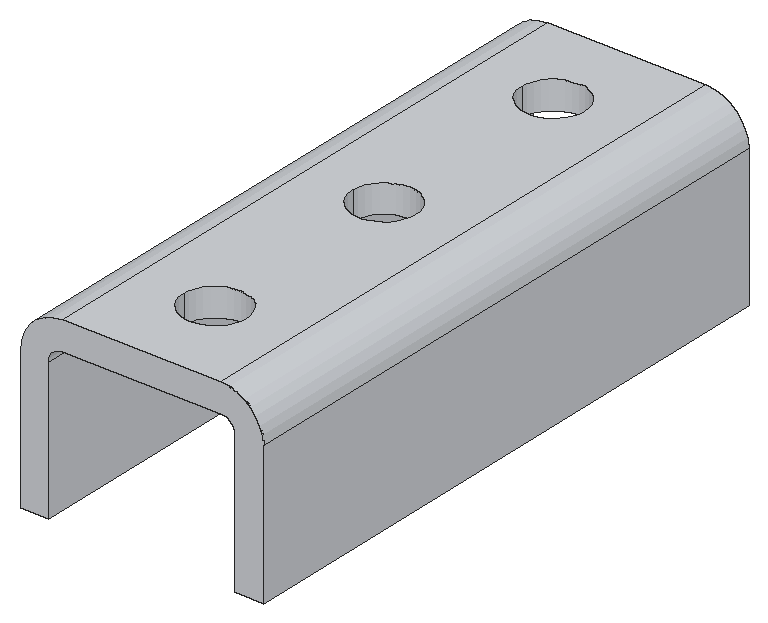
Revit family "Fitting-U_Shape-Unistrut-P1376A", category Specialty Equipment, Revit 2012
Parameters (values of type "P1376A")
  ecoScorecard_data = "http://products.ecoscorecard.com/atkore/P1376A"
  ecoScorecard Product Page = "http://products.ecoscorecard.com/atkore/P1376A?action=html"
  Weight Per Piece = 1.97 lbf
  Unistrut Part Number = "P1376A"  # constant formula
  URL = "http://unistrut.us/index.php"
  Thickness = 1/4"
  Subcategory = "U Shape Fittings"
  Product Page URL = "http://unistrut.us/index.php?WP=cat_detail&S=S05&P=P1376A"
  Power Strut Part Number = "PS 629"  # constant formula
  Part Type = "Fitting"  # constant formula
  Overall Width = 2 5/32"
  Overall Length = 1 5/8"
  Overall Height = 5 3/8"
  Model = "P1376A"
  Material = ""
  Manufacturer Phone - Toll Free = "800-882-5543"  # constant formula
  Manufacturer Phone = "708-339-1610"  # constant formula
  Manufacturer Fax = "708-339-7814"  # constant formula
  Manufacturer Email = "mailto:questions@atkore.com"
  Manufacturer Address = "16100 South Lathrop Avenue, Harvey, IL 60426"  # constant formula
  Manufacturer = "Unistrut by Atkore International"  # constant formula
  Load Capacity Note = "Visit the product page for load application and capacity."  # constant formula
  Literature URL = "http://unistrut.us/index.php?WP=LItLibrary"
  Hole Diameter = 9/16"  # constant formula
  Default Elevation = 48"
  Cost Info = "mailto:questions@atkore.com"
  Category = "Specialty Equipment"  # constant formula
  CAD URL = "http://unistrut.us/index.php?WP=CAD3d"
  Assembly Code = "D5020100"
  95 CSI = "16070"  # constant formula
  04 CSI = "26 05 48"  # constant formula
Reference planes (in)
  plane 1 "Center (Front/Back)": y = 0
  plane 2: z = 0
  plane 3 "Center (Left/Right)": x = 0
  plane 4: y = 2.6875
  plane 5: y = -2.6875
  plane 6: x = 1.07812
  plane 7: x = -1.07813
  plane 8: z = -1.375
  plane 9: z = 0.25
  plane 10: y = 1.875
  plane 11: y = -1.875
Dimensions and locks (in)
  equal spacing: plane 4, plane 1 "Center (Front/Back)", plane 5
  "Overall Height": plane 4 to plane 5
  equal spacing: plane 7, plane 3 "Center (Left/Right)", plane 6
  "Overall Width": plane 7 to plane 6
  "Overall Length": plane 9 to plane 8
  aligned and locked: level to plane 2
  aligned and locked: plane 1 "Center (Front/Back)" to nested 1
  aligned and locked: plane 3 "Center (Left/Right)" to nested 1
  aligned and locked: nested 1 to plane 2
Nested families (in)
  nested 1: "376A" at (-0.00024, 0, -1.375), type "376A"
Definition of nested family "376A"
  Parameters (values of type "376A")
    Unit = none
    URL = ""
    Thickness = 1/4"
    Overall Width = 2 5/32"
    Overall Length = 1 5/8"
    Overall Height = 5 3/8"
    Model = "P1376"
    Manufacturer = ""
    Hole Diameter = 9/16"
    Assembly Code = ""
  Reference planes (in)
    plane 1 "Center (Front/Back)": y = 0
    plane 2: z = 0
    plane 3 "Center (Left/Right)": x = 0.00024
    plane 4: z = 1.625
    plane 5: y = 2.6875
    plane 6: y = -2.6875
    plane 7: x = -1.07788
    plane 8: x = 1.07837
    plane 9: z = 1.375
    plane 10: x = 0.82837
    plane 11: x = -0.82837
  Forms (in)
    Extrusion 1, solid
      sketch origin (0, 0, 0) x (1, 0, 0) y (0, 0, 1)
        loop
          line (-0.82837, 0) -> (-0.82837, 1.24923)
          spline (-0.82837, 1.24923) -> (-0.82722, 1.2663) -> (-0.82387, 1.28266) -> (-0.81848, 1.29818) -> (-0.81119, 1.31271) -> (-0.80216, 1.32608) -> (-0.79153, 1.33816) -> (-0.77945, 1.34879) -> (-0.76608, 1.35783) -> (-0.75155, 1.36512) -> (-0.73604, 1.37051) -> (-0.71967, 1.37385) -> (-0.70261, 1.375)
          line (-0.70261, 1.375) -> (0.70261, 1.375)
          spline (0.70261, 1.375) -> (0.71967, 1.37385) -> (0.73604, 1.37051) -> (0.75156, 1.36512) -> (0.76608, 1.35783) -> (0.77945, 1.34879) -> (0.79153, 1.33816) -> (0.80216, 1.32608) -> (0.81119, 1.3127) -> (0.81848, 1.29818) -> (0.82387, 1.28266) -> (0.82722, 1.2663) -> (0.82837, 1.24923)
          line (0.82837, 1.24923) -> (0.82837, 0) -> (1.07837, 0) -> (1.07837, 1.24915)
          spline (1.07837, 1.24915) -> (1.07496, 1.30012) -> (1.065, 1.34901) -> (1.04893, 1.39537) -> (1.02719, 1.43875) -> (1.00023, 1.4787) -> (0.96851, 1.51479) -> (0.93246, 1.54655) -> (0.89253, 1.57355) -> (0.84917, 1.59533) -> (0.80284, 1.61145) -> (0.75396, 1.62146) -> (0.70301, 1.62492)
          line (0.70301, 1.62492) -> (-0.70301, 1.62492)
          spline (-0.70301, 1.62492) -> (-0.7539, 1.62147) -> (-0.80271, 1.61147) -> (-0.84898, 1.59537) -> (-0.89228, 1.57361) -> (-0.93216, 1.54665) -> (-0.96816, 1.51493) -> (-0.99985, 1.47889) -> (-1.02677, 1.43899) -> (-1.04849, 1.39566) -> (-1.06454, 1.34936) -> (-1.07449, 1.30054) -> (-1.07788, 1.24963)
          line (-1.07788, 1.24963) -> (-1.07788, 0) -> (-0.82837, 0)
      from -2.6875 to 2.6875
    Extrusion 2, void
      sketch origin (0, 0.03125, 0) x (1, 0, 0) y (0, 1, 0)
        loop
          circle (0.00024, -0.03125) r 0.28125
        loop
          circle (0.00024, -1.90625) r 0.28125
        loop
          circle (0.00024, 1.84375) r 0.28125
      from 1.375 to 1.625
  Cuts and joins
    Extrusion 2 cuts Extrusion 1
  Dimensions and locks (in)
    equal spacing: plane 5, plane 1 "Center (Front/Back)", plane 6
    "Overall Height": plane 5 to plane 6
    "Overall Width": plane 7 to plane 8
    locked: plane 4 to plane 9 at 0.25
    locked: plane 8 to plane 10 at 0.25
    locked: plane 7 to plane 11 at 0.24952
    "Overall Length": plane 4 to level
    equal spacing: plane 7, plane 3 "Center (Left/Right)", plane 8
    plane 5 to Extrusion 2 sketch curve = 13/16"
    Extrusion 2 sketch curve to plane 6 = 13/16"
    Extrusion 2 sketch curve to plane 1 "Center (Front/Back)" = 1 7/8"
    plane 1 "Center (Front/Back)" to Extrusion 2 sketch curve = 1 7/8"
    aligned and locked: level to plane 2
    aligned and locked: plane 5 to Extrusion 1
    aligned and locked: Extrusion 1 to plane 6
    aligned and locked: plane 8 to Extrusion 1 sketch curve
    aligned and locked: Extrusion 1 sketch curve to plane 10
    aligned and locked: Extrusion 1 sketch curve to plane 11
    aligned and locked: plane 7 to Extrusion 1 sketch curve
    aligned and locked: Extrusion 1 sketch curve to plane 9
    aligned and locked: plane 4 to Extrusion 2
    aligned and locked: Extrusion 1 to Extrusion 2
    aligned and locked: plane 1 "Center (Front/Back)" to Extrusion 2 sketch curve
  Automatic sketch dimensions
    Extrusion 1 sketch curve to level = 0"  (x2)
    Extrusion 1 sketch curve to plane 7 = 0.37488"
    Extrusion 1 sketch curve to plane 7 = 0.37527"
    Extrusion 1 sketch curve to plane 8 = 0.37536"
    Extrusion 1 sketch curve to plane 8 = 0.37575"
    Extrusion 1 sketch curve to plane 4 = 0.37577"  (x2)
    Extrusion 1 sketch curve to plane 4 = 0.37537"
    Extrusion 1 sketch curve to plane 4 = 0.37585"
    Extrusion 2 sketch curve to plane 3 "Center (Left/Right)" = 0"  (x3)
    Extrusion 1 sketch curve to plane 4 = 0.00008"
    radius of Extrusion 2 sketch curve = 9/32"  (x3)
